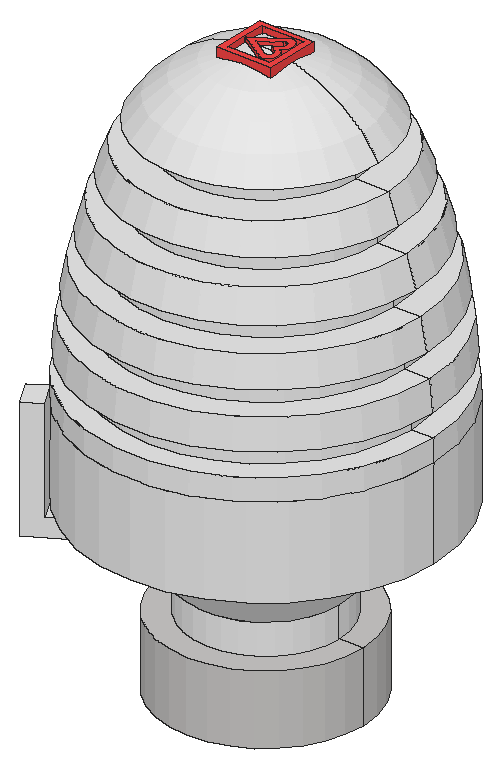
Revit family "Термостатическая головка HERZ-Design, с присоединительной резьбой М 28х1.5, 9260", category Rohrzubehör, Revit 2020
Family settings
  Bemaßung runder Anschluss = Durchmesser verwenden
  Teiletyp = Normal
  OmniClass-Nummer = 23.65.55.14
  OmniClass-Titel = Valves for Liquid Services
  Arbeitsebenenbasiert = Nein
  Immer vertikal = Nein
  Beim Laden mit Abzugskörper schneiden = Nein
  Gemeinsam genutzt = Nein
Parameters
  Принцип действия = "HERZ-термостатическая головка является датчиком прямого регулирования.\r\nИзменение объема жидкости в HERZ-гидросенсоре приводит в движение шток клапана."
  Область применения = "Для монтажа на всех HERZ-клапанах, предназначенных для термостатической работы."
  Номер заказа = 1926006  # constant formula
  Морозозащита = 6 °C  # constant formula
  Маховик = "Пластик, белый"  # constant formula
  Исполнение = "Термостатическая головка с жидкостным датчиком (гидросенсором) с позициями теплового запираниия \"0\" и морозозащиты, с ограничением и блокировкой диапазона регулирования. Цвет маховика - белый."
  Диапазон регулирования = "6-28°C"  # constant formula
  Vorgabe-Ansicht = 0.000 mm
  URL = "www.herz-armaturen.ru"
  S02 = 60.000 mm  # constant formula
  S01 = 90.000 mm  # constant formula
  Hersteller = "HERZ Armaturen Ges.m.b.H."  # constant formula
Reference planes
  plane 1 "Mitte (Vorne/hinten)": y = 0
  plane 2: z = 0
  plane 3 "Mitte (Links/rechts)": x = 0
Forms (mm)
  Revolve 1, solid, material "Kunststoff weiß", detail levels fine
    sketch origin (0, 0, 0) x (1, 0, 0) y (0, 0, 1)
      loop
        line (0, 0) -> (0, 90)
        arc (0, 90) -> (-10.767, 87.197) -> (-18.8, 79.5) r 22.08
        arc (-18.8, 79.5) -> (-25.672, 59.356) -> (-28, 38.2) r 97.301
        line (-28, 38.2) -> (-28, 23.2) -> (-23.25, 23.2) -> (-23.25, 20.5) -> (-20.4, 20.5) -> (-20.4, 19.7) -> (-12.2, 11.5) -> (-12.2, 4.8) -> (-13.2, 4.8) -> (-13.2, 0) -> (0, 0)
      axis (0, 90) -> (0, 0)
    angle from 0 to 360
  Extrusion 2, solid, material "Kunststoff weiß", detail levels fine
    sketch origin (0, 0, 0) x (0.866025, 0.5, 0) y (0, 0, 1)
      loop
        line (-28.5, 36.04) -> (-31.75, 36.04) -> (-31.75, 16.2) -> (-20.85, 16.2) -> (-20.85, 20.5) -> (-23.25, 20.5) -> (-23.25, 21.5) -> (-24.578, 19.2) -> (-28.5, 19.2) -> (-28.5, 36.04)
    from 2.5 to -2.5
  Extrusion 3, solid, material "Kunststoff weiß", detail levels fine
    sketch origin (0, 0, 0) x (0, 1, 0) y (0, 0, 1)
      loop
        arc (0.75, 19.2) -> (1.987, 19.713) -> (2.5, 20.95) r 1.75
        line (2.5, 20.95) -> (2.5, 32.2) -> (-2.5, 32.2) -> (-2.5, 20.95)
        arc (-2.5, 20.95) -> (-1.987, 19.713) -> (-0.75, 19.2) r 1.75
        line (-0.75, 19.2) -> (0.75, 19.2)
    from 0 to -31.5
  Revolve 4, solid, material "Messing verzinkt", detail levels fine
    sketch origin (0, 0, 0) x (1, 0, 0) y (0, 0, 1)
      loop
        line (0, 0) -> (0, 6.5) -> (-16.25, 6.5) -> (-16.25, -5) -> (-14, -5) -> (-14, 0) -> (0, 0)
      axis (0, 6.5) -> (0, -5)
    angle from 0 to 360
  Revolve 5, void
    sketch origin (0, 0, 0) x (1, 0, 0) y (0, 0, 1)
      loop
        arc (-18.8, 79.5) -> (-19.64, 77.659) -> (-20.442, 75.8) r 97.301
        line (-20.442, 75.8) -> (-14.951, 75.8) -> (-14.951, 79.5) -> (-18.8, 79.5)
      loop
        line (-27.933, 41.8) -> (-24.226, 41.8) -> (-24.226, 45.5) -> (-27.726, 45.5)
        arc (-27.726, 45.5) -> (-27.847, 43.651) -> (-27.933, 41.8) r 97.301
      loop
        arc (-22.197, 71.3) -> (-22.843, 69.456) -> (-23.452, 67.6) r 97.301
        line (-23.452, 67.6) -> (-18.697, 67.6) -> (-18.697, 71.3) -> (-22.197, 71.3)
      loop
        arc (-24.865, 62.7) -> (-25.326, 60.854) -> (-25.751, 59) r 97.301
        line (-25.751, 59) -> (-21.365, 59) -> (-21.365, 62.7) -> (-24.865, 62.7)
      loop
        arc (-26.692, 54.1) -> (-26.98, 52.253) -> (-27.232, 50.4) r 97.301
        line (-27.232, 50.4) -> (-23.192, 50.4) -> (-23.192, 54.1) -> (-26.692, 54.1)
      axis (0, 79.5) -> (0, 41.8)
    angle from 0 to 360
Cuts and joins
  Revolve 5 cuts Revolve 1
Lines and regions (mm)
  model lines, detail levels coarse+medium
    curve 1: line (0, 0, 0) -> (0, 0, 30)
    curve 2: line (0, 0.018, 0) -> (30, 0.018, 0)
    curve 3: circle (0, 0, 60) r 30 normal (0, -1, 0)
    curve 4: circle (0, 0, 60) r 30 normal (1, 0, 0)
    curve 5: line (0, 0, 40) -> (0, 0, 80)
    curve 6: line (0, 17.5, 80) -> (0, -17.5, 80)
    curve 7: line (0, 0, 40) -> (0, 0, 80)
    curve 8: line (-17.5, 0, 80) -> (17.5, 0, 80)
    curve 9: circle (60, 0.018, 0) r 30 normal (0, 0, 1)
    curve 10: line (40, 0.018, 0) -> (80, 0.018, 0)
    curve 11: line (80, -17.482, 0) -> (80, 17.518, 0)
Dimensions and locks
  nested 1 to plane 2 = 89.000 mm
  "S01": curve 4 to plane 2
  "S01": curve 3 to plane 2
  "S01": plane 3 "Mitte (Links/rechts)" to curve 9
  "S02": diameter of curve 3
  "S02": diameter of curve 4
  "S02": diameter of curve 9
  aligned and locked: level to plane 2
Automatic sketch dimensions
  Revolve 1 sketch curve to level = 0.000 mm
  Revolve 1 sketch curve to plane 3 "Mitte (Links/rechts)" = 0.000 mm  (x2)
  Revolve 1 sketch curve to plane 3 "Mitte (Links/rechts)" = 12.200 mm
  Revolve 1 sketch curve to Revolve 1 sketch curve = 1.000 mm
  Revolve 1 sketch curve to Revolve 1 sketch curve = 8.200 mm  (x2)
  Revolve 1 sketch curve to Revolve 1 sketch curve = 2.850 mm
  Revolve 1 sketch curve to Revolve 1 sketch curve = 4.750 mm
  plane 3 "Mitte (Links/rechts)" to Revolve 1 sketch curve = 69.301 mm
  level to Revolve 1 sketch curve = 4.800 mm
  Revolve 1 sketch curve to Revolve 1 sketch curve = 6.700 mm
  Revolve 1 sketch curve to Revolve 1 sketch curve = 0.800 mm
  Revolve 1 sketch curve to Revolve 1 sketch curve = 2.700 mm
  Revolve 1 sketch curve to Revolve 1 sketch curve = 15.000 mm
  Revolve 1 sketch curve to Revolve 1 sketch curve = 29.720 mm
  Revolve 1 sketch curve to Revolve 1 sketch curve = 22.080 mm
  Revolve 1 sketch curve to level = 366.045 mm
  Revolve 1 sketch curve to Revolve 1 sketch curve = 0.000 mm
  level to Extrusion 2 sketch curve = 36.040 mm
  Extrusion 2 sketch curve to Extrusion 2 sketch curve = 3.250 mm
  Extrusion 2 sketch curve to Extrusion 2 sketch curve = 3.922 mm
  level to Extrusion 2 sketch curve = 21.500 mm
  Extrusion 2 sketch curve to Extrusion 2 sketch curve = 1.328 mm
  Extrusion 2 sketch curve to Extrusion 2 sketch curve = 3.728 mm
  Extrusion 2 sketch curve to Extrusion 2 sketch curve = 1.000 mm
  Extrusion 2 sketch curve to Extrusion 2 sketch curve = 1.300 mm
  Extrusion 2 sketch curve to Extrusion 2 sketch curve = 3.000 mm
  plane 1 "Mitte (Vorne/hinten)" to Extrusion 3 sketch curve = 2.500 mm
  plane 1 "Mitte (Vorne/hinten)" to Extrusion 3 sketch curve = 0.750 mm
  Extrusion 3 sketch curve to plane 1 "Mitte (Vorne/hinten)" = 0.750 mm
  Extrusion 3 sketch curve to plane 1 "Mitte (Vorne/hinten)" = 2.500 mm
  level to Extrusion 3 sketch curve = 19.200 mm
  Extrusion 3 sketch curve to Extrusion 3 sketch curve = 11.250 mm
  Revolve 4 sketch curve to level = 0.000 mm
  Revolve 4 sketch curve to plane 3 "Mitte (Links/rechts)" = 0.000 mm  (x2)
  Revolve 4 sketch curve to level = 5.000 mm
  Revolve 4 sketch curve to plane 3 "Mitte (Links/rechts)" = 14.000 mm
  Revolve 4 sketch curve to Revolve 4 sketch curve = 2.250 mm
  level to Revolve 4 sketch curve = 6.500 mm
  Revolve 4 sketch curve to Revolve 4 sketch curve = 361.045 mm
  Revolve 4 sketch curve to Revolve 4 sketch curve = 2207.815 mm
  Revolve 5 sketch curve to Revolve 5 sketch curve = 0.000 mm  (x20)
  Revolve 5 sketch curve to plane 3 "Mitte (Links/rechts)" = 0.000 mm
  Revolve 5 sketch curve to plane 3 "Mitte (Links/rechts)" = 14.951 mm
  Revolve 5 sketch curve to Revolve 5 sketch curve = 3.746 mm
  Revolve 5 sketch curve to Revolve 5 sketch curve = 3.849 mm
  Revolve 5 sketch curve to Revolve 5 sketch curve = 1.642 mm
  Revolve 5 sketch curve to Revolve 5 sketch curve = 2.668 mm
  Revolve 5 sketch curve to Revolve 5 sketch curve = 3.500 mm  (x4)
  Revolve 5 sketch curve to Revolve 5 sketch curve = 1.827 mm
  Revolve 5 sketch curve to Revolve 5 sketch curve = 1.255 mm
  Revolve 5 sketch curve to Revolve 5 sketch curve = 1.034 mm
  Revolve 5 sketch curve to Revolve 5 sketch curve = 0.886 mm
  Revolve 5 sketch curve to Revolve 5 sketch curve = 0.540 mm
  Revolve 5 sketch curve to Revolve 5 sketch curve = 0.208 mm
  level to Revolve 5 sketch curve = 38.200 mm
  plane 3 "Mitte (Links/rechts)" to Revolve 5 sketch curve = 69.301 mm
  level to Revolve 5 sketch curve = 41.800 mm
  Revolve 5 sketch curve to Revolve 5 sketch curve = 4.900 mm  (x3)
  Revolve 5 sketch curve to Revolve 5 sketch curve = 4.500 mm
  Revolve 5 sketch curve to level = 366.045 mm
  Revolve 5 sketch curve to Revolve 5 sketch curve = 2134.815 mm
  curve 5 to plane 1 "Mitte (Vorne/hinten)" = 0.000 mm
  curve 4 to plane 1 "Mitte (Vorne/hinten)" = 0.000 mm
  plane 1 "Mitte (Vorne/hinten)" to curve 6 = 17.500 mm
  curve 5 to curve 6 = 17.500 mm
  curve 5 to curve 4 = 20.000 mm
  curve 4 to curve 6 = 20.000 mm
  curve 3 to plane 3 "Mitte (Links/rechts)" = 0.000 mm
  curve 7 to plane 3 "Mitte (Links/rechts)" = 0.000 mm
  curve 1 to plane 3 "Mitte (Links/rechts)" = 0.000 mm
  curve 1 to level = 0.000 mm
  curve 8 to curve 7 = 17.500 mm
  plane 3 "Mitte (Links/rechts)" to curve 8 = 17.500 mm
  curve 1 to curve 7 = 10.000 mm
  curve 3 to curve 8 = 20.000 mm
  curve 2 to plane 3 "Mitte (Links/rechts)" = 0.000 mm
  curve 9 to plane 1 "Mitte (Vorne/hinten)" = 0.018 mm
  curve 10 to plane 1 "Mitte (Vorne/hinten)" = 0.018 mm
  curve 2 to curve 10 = 10.000 mm
  curve 9 to curve 11 = 20.000 mm
  plane 1 "Mitte (Vorne/hinten)" to curve 11 = 17.482 mm
  curve 2 to plane 1 "Mitte (Vorne/hinten)" = 0.018 mm
  curve 10 to curve 11 = 17.500 mm
Nested families
  nested 1: "Herz-Logo" at (0, 0, 89) x (0, -1, 0) z (0, 0, 1), type "Herz-Logo"
Definition of nested family "Herz-Logo"
  Parameters (values of type "Herz-Logo")
    Default Elevation = 0.000 mm
  Reference planes
    plane 1 "Mitte (Vorne/hinten)": y = 0
    plane 2: z = 0
    plane 3 "Mitte (Links/rechts)": x = 0
  Forms (mm)
    Extrusion 1, solid
      sketch origin (0, 0, 0) x (1, 0, 0) y (0, 1, 0)
        loop
          line (-0.018, -4.517) -> (4.482, -4.517) -> (4.482, 4.483) -> (-4.518, 4.483) -> (-4.518, -4.517) -> (-0.018, -4.517)
        loop
          line (-0.05, -3.48) -> (3.482, -3.48) -> (3.482, 3.483) -> (-3.518, 3.483) -> (-3.518, -3.48) -> (-0.05, -3.48)
        loop
          arc (-0.018, 2.383) -> (-1.543, 3.287) -> (-3.067, 2.383) r 1.738
          arc (-3.067, 2.383) -> (-3.191, 1.899) -> (-3.067, 1.415) r 1.009
          line (-3.067, 1.415) -> (-0.018, -3.281) -> (3.032, 1.415)
          arc (3.032, 1.415) -> (3.156, 1.899) -> (3.032, 2.383) r 1.009
          arc (3.032, 2.383) -> (1.507, 3.287) -> (-0.018, 2.383) r 1.738
        loop
          arc (1.885, 1.272) -> (2.005, 1.675) -> (1.885, 2.079) r 0.74
          arc (1.885, 2.079) -> (1.265, 2.416) -> (0.644, 2.079) r 0.74
          line (0.644, 2.079) -> (-0.018, 0.97) -> (-0.679, 2.079)
          arc (-0.679, 2.079) -> (-1.3, 2.416) -> (-1.921, 2.079) r 0.74
          arc (-1.921, 2.079) -> (-2.04, 1.675) -> (-1.921, 1.272) r 0.74
          line (-1.921, 1.272) -> (-0.018, -1.658) -> (1.885, 1.272)
      from 0 to 1.5
  Dimensions and locks
    aligned and locked: level to plane 2
